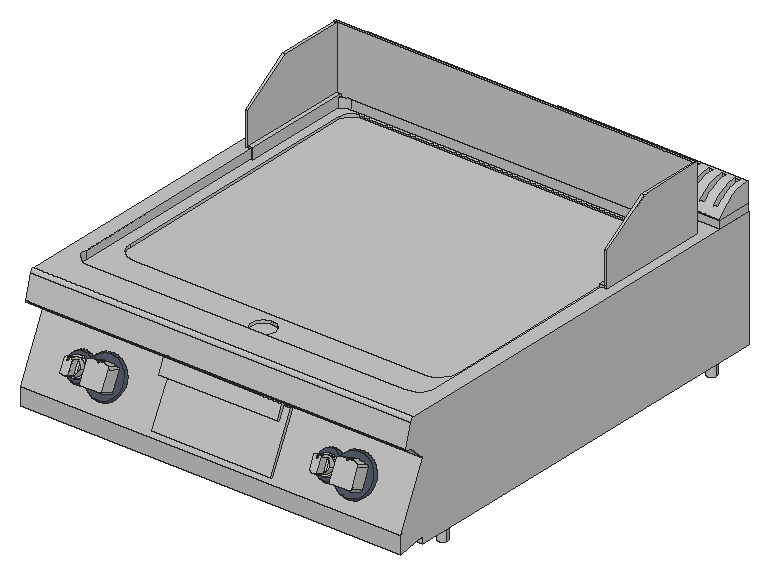
Revit family "QF_ZANUSSI_392054_Z9FTGHCS00", category Specialty Equipment, Revit 2018
Family settings
  Round Connector Dimension = Use Diameter
  Part Type = Normal
  Work Plane-Based = No
  Always vertical = Yes
  Cut with Voids When Loaded = No
  Shared = No
  Room Calculation Point = No
Parameters
  Width = 800 mm  # constant formula
  Weight in Pounds = 105  # constant formula
  Weight = 0.00 kg
  Watts = 0 W
  Volts = 0 V
  URL Manufacturer = "http://www.zanussiprofessional.com"
  URL Cutsheet = "www.electrolux.com/foodservice"
  URL = "http://www.zanussiprofessional.com"
  Type Mark [instance] = ""
  Steam Supply Size = 0"
  Steam Supply Minimum Pressure = 0.00 psi
  Steam Supply Maximum Pressure = 0.00 psi
  Steam Pounds per Hour = 0
  Status [instance] = ""
  Specification by User [instance] = ""
  Specification by Manufacturer = ""
  Show Logo [instance] = yes
  Show Clearance [instance] = yes
  Serial Number = ""
  Seismic Rating = ""
  SMACNA No = ""
  Revision Code [instance] = ""
  Refrigeration Suction Line Size = 0"
  Refrigeration Liquid Line Size = 0"
  Refrigerant Compressor Remote = yes
  Phase = 0
  Omniclass Number and Title = ""
  NAFEM Spec ID Number = ""
  Model = "Z9FTGHCS00"
  Mechanical Remarks [instance] = ""
  Mechanical Connection Type [instance] = ""
  Masterspec = ""
  Manufacturer = "Zanussi"
  Length Actual = 800 mm  # constant formula
  Item Number [instance] = "392054"
  Installed By [instance] = ""
  Identify Quantity as Lot [instance] = yes
  Hot Water Size = 0"
  Height Actual = 250 mm  # constant formula
  Height = 410 mm  # constant formula
  HP = "0 HP"
  Gas Size = 1/2"
  Gas RI Height [instance] = 0 mm
  Gas KW [instance] = 20
  Gas Input [instance] = 0.672036 Btu/h
  Gas Connection Height = 0 mm
  Furnished By [instance] = ""
  Foodservice Equipment Identifier [instance] = yes
  Direct Waste Size = 0"
  Description = "GAS FRYTOP CHR.SMOOTH SLOPED PLATE 800MM"
  Depth Actual = 900 mm  # constant formula
  Depth = 915 mm  # constant formula
  Cycle = 0 Hz
  Condensate Return Size = 0"
  Compressed Air Volume = 0 GPM
  Compressed Air Size = 0"
  Compressed Air Pressure = 0.00 psi
  Cold Water Size = 0"
  CSI MasterFormat = ""
  CSI Master Format = ""
  Base Height [instance] = 24 mm  # constant formula
  Accessory = yes
Reference planes
  plane 1 "BACK": y = 0
  plane 2: z = 0
  plane 3 "LEFT": x = 0
  plane 4 "RIGHT": x = 800
  plane 5 "FRONT": y = -915
  plane 6 "TOP": z = 410
  plane 7 "Center Y": x = 400
  plane 8 "Center X": y = -457.5
  plane 9 "BASE": z = 24
  plane 10: y = -790
  plane 11: y = -82
  plane 12: x = 348
  plane 13: y = -1045
  plane 14: z = 274
  plane 15: y = -664
  plane 16: y = -346.873
  plane 17: y = -900
  plane 18: through (-6096, -854.982, 185.364) normal (0, -0.8956, 0.4448)
Forms (mm)
  Extrusion 1, solid, material "QF_Clearances", visible <- "Show Clearance", detail levels coarse
    sketch origin (0, 0, 0) x (1, 0, 0) y (0, 1, 0)
      loop
        line (0, -915) -> (0, 0) -> (800.05, 0) -> (800.05, -915) -> (900.069, -915) -> (900.069, 100.019) -> (-100.019, 100.019) -> (-100.019, -915) -> (0, -915)
    from 0 to 410
  Extrusion 2, solid, material "QF_Finishes_Stainless Steel"
    sketch origin (0, 0, 0) x (0, 1, 0) y (0, 0, 1)
      loop
        line (0, 24) -> (0, 274) -> (-879.358, 274)
        arc (-879.358, 274) -> (-884.643, 271.811) -> (-886.833, 266.526) r 7.474
        line (-886.833, 266.526) -> (-899.884, 221.011)
        arc (-899.884, 221.011) -> (-899.396, 218.379) -> (-897, 217.184) r 3
        line (-897, 217.184) -> (-886.802, 217.184) -> (-854.982, 185.364) -> (-915, 64.508) -> (-915, 29.508) -> (-858.645, 37.428)
        arc (-858.645, 37.428) -> (-856.101, 36.674) -> (-855, 34.259) r 3.2
        line (-855, 34.259) -> (-855, 24) -> (0, 24)
    from 0 to 800
  Extrusion 3, void
    sketch origin (0, -202.381, 275.4) x (-1, 0, 0) y (0, -1, 0)
      loop
        arc (-55.4, -88.381) -> (-37.439, -80.942) -> (-30, -62.981) r 25.4
        line (-30, -62.981) -> (-30, 578.98)
        arc (-30, 578.98) -> (-40.99, 605.513) -> (-67.523, 616.504) r 37.523
        line (-67.523, 616.504) -> (-732.477, 616.504)
        arc (-732.477, 616.504) -> (-759.01, 605.513) -> (-770, 578.98) r 37.523
        line (-770, 578.98) -> (-770, -62.981)
        arc (-770, -62.981) -> (-762.561, -80.942) -> (-744.6, -88.381) r 25.4
        line (-744.6, -88.381) -> (-55.4, -88.381)
    from 0 to -20
  Extrusion 4, solid, material "QF_Finishes_Stainless Steel"
    sketch origin (0, -200, 0) x (1, 0, 0) y (0, 1, 0)
      loop
        circle (11.112, 118) r 9.525
      loop
        circle (11.112, -590) r 9.525
      loop
        circle (788.887, 118) r 9.525
      loop
        circle (788.888, -590) r 9.525
    from 0 to 24
  Extrusion 5, solid, material "QF_Finishes_Stainless Steel"
    sketch origin (0, 0, 24) x (-1, 0, 0) y (0, 1, 0)
      loop
        circle (-748, -664) r 6.4
    from 0 to 18
  Extrusion 6, solid, material "QF_Finishes_Stainless Steel"
    sketch origin (0, 0, 0) x (0, -1, 0) y (0, 0, 1)
      loop
        line (74.012, 274) -> (74.012, 289) -> (0, 289) -> (0, 274) -> (74.012, 274)
    from 0 to -400.05
  Extrusion 7, solid, material "QF_Finishes_Stainless Steel"
    sketch origin (0, 0, 0) x (0, 1, 0) y (0, 0, 1)
      loop
        line (0, 289) -> (0, 331.913)
        arc (0, 331.913) -> (-42.275, 321.697) -> (-74.012, 291.959) r 85.267
        line (-74.012, 291.959) -> (-74.012, 289) -> (0, 289)
    from 0 to 400
  Extrusion 8, void
    sketch origin (0, 0, 273.238) x (-1, 0, 0) y (0, -1, 0)
      loop
        line (-13.453, 6.761) -> (-13.453, 62.911) -> (-22.749, 62.911) -> (-22.749, 6.761) -> (-13.453, 6.761)
    from 25.4 to 63.5
  Extrusion 9, void
    sketch origin (400.05, 0, 273.238) x (1, 0, 0) y (0, 1, 0)
      loop
        line (-13.503, -6.761) -> (-22.799, -6.761) -> (-22.799, -62.911) -> (-13.503, -62.911) -> (-13.503, -6.761)
    from 25.4 to 63.5
  Extrusion 10, void
    sketch origin (27.988, 0, 273.238) x (-1, 0, 0) y (0, -1, 0)
      loop
        line (-13.453, 6.761) -> (-13.453, 62.911) -> (-22.749, 62.911) -> (-22.749, 6.761) -> (-13.453, 6.761)
    from 25.4 to 63.5
  Extrusion 11, void
    sketch origin (55.977, 0, 273.238) x (-1, 0, 0) y (0, -1, 0)
      loop
        line (-13.453, 6.761) -> (-13.453, 62.911) -> (-22.749, 62.911) -> (-22.749, 6.761) -> (-13.453, 6.761)
    from 25.4 to 63.5
  Extrusion 12, void
    sketch origin (83.965, 0, 273.238) x (-1, 0, 0) y (0, -1, 0)
      loop
        line (-13.428, 6.761) -> (-13.428, 62.911) -> (-22.724, 62.911) -> (-22.724, 6.761) -> (-13.428, 6.761)
    from 25.4 to 63.5
  Extrusion 13, void
    sketch origin (111.953, 0, 273.238) x (-1, 0, 0) y (0, -1, 0)
      loop
        line (-13.428, 6.761) -> (-13.428, 62.911) -> (-22.724, 62.911) -> (-22.724, 6.761) -> (-13.428, 6.761)
    from 25.4 to 63.5
  Extrusion 14, void
    sketch origin (139.942, 0, 273.238) x (-1, 0, 0) y (0, -1, 0)
      loop
        line (-13.428, 6.761) -> (-13.428, 62.911) -> (-22.724, 62.911) -> (-22.724, 6.761) -> (-13.428, 6.761)
    from 25.4 to 63.5
  Extrusion 15, void
    sketch origin (167.93, 0, 273.238) x (-1, 0, 0) y (0, -1, 0)
      loop
        line (-13.428, 6.761) -> (-13.428, 62.911) -> (-22.724, 62.911) -> (-22.724, 6.761) -> (-13.428, 6.761)
    from 25.4 to 63.5
  Extrusion 16, void
    sketch origin (307.872, 0, 273.238) x (-1, 0, 0) y (0, -1, 0)
      loop
        line (-13.403, 6.761) -> (-13.403, 62.911) -> (-22.699, 62.911) -> (-22.699, 6.761) -> (-13.403, 6.761)
    from 25.4 to 63.5
  Extrusion 17, void
    sketch origin (335.86, 0, 273.238) x (-1, 0, 0) y (0, -1, 0)
      loop
        line (-13.403, 6.761) -> (-13.403, 62.911) -> (-22.699, 62.911) -> (-22.699, 6.761) -> (-13.403, 6.761)
    from 25.4 to 63.5
  Extrusion 18, void
    sketch origin (228.013, 0, 273.238) x (-1, 0, 0) y (0, -1, 0)
      loop
        line (-13.428, 6.761) -> (-13.428, 62.911) -> (-22.724, 62.911) -> (-22.724, 6.761) -> (-13.428, 6.761)
    from 25.4 to 63.5
  Extrusion 19, void
    sketch origin (256.002, 0, 273.238) x (-1, 0, 0) y (0, -1, 0)
      loop
        line (-13.428, 6.761) -> (-13.428, 62.911) -> (-22.724, 62.911) -> (-22.724, 6.761) -> (-13.428, 6.761)
    from 25.4 to 63.5
  Extrusion 20, void
    sketch origin (283.99, 0, 273.238) x (-1, 0, 0) y (0, -1, 0)
      loop
        line (-13.403, 6.761) -> (-13.403, 62.911) -> (-22.699, 62.911) -> (-22.699, 6.761) -> (-13.403, 6.761)
    from 25.4 to 63.5
  Extrusion 21, void
    sketch origin (200.025, 0, 273.238) x (-1, 0, 0) y (0, -1, 0)
      loop
        line (-13.428, 6.761) -> (-13.428, 62.911) -> (-22.724, 62.911) -> (-22.724, 6.761) -> (-13.428, 6.761)
    from 25.4 to 63.5
  Extrusion 22, void
    sketch origin (0, -202.381, 255.4) x (0, -1, 0) y (-1, 0, 0)
      loop
        arc (-57.619, -55) -> (-75.579, -62.439) -> (-83.019, -80.4) r 25.4
        line (-83.019, -80.4) -> (-83.019, -719.6)
        arc (-83.019, -719.6) -> (-75.579, -737.561) -> (-57.619, -745) r 25.4
        line (-57.619, -745) -> (493.98, -745)
        arc (493.98, -745) -> (520.513, -734.01) -> (531.504, -707.477) r 37.523
        line (531.504, -707.477) -> (531.504, -92.523)
        arc (531.504, -92.523) -> (520.513, -65.99) -> (493.98, -55) r 37.523
        line (493.98, -55) -> (-57.619, -55)
      loop
        circle (572.619, -400) r 25
    from 0 to 5
  Extrusion 23, void
    sketch origin (785, 0, 275) x (0, 0, -1) y (0, -1, 0)
      loop
        line (-70, 346.873) -> (-135, 346.873) -> (-135, 246.781) -> (-70, 346.873)
    from 0 to 12.7
  Extrusion 24, void
    sketch origin (25, 0, 292.959) x (0, 0, -1) y (0, -1, 0)
      loop
        line (-52.041, 346.873) -> (-117.041, 346.873) -> (-117.041, 246.781) -> (-52.041, 346.873)
    from 0 to 12.7
  Extrusion 25, solid, material "QF_Finishes_Stainless Steel"
    sketch origin (0, -110, 275) x (0, 0, -1) y (-1, 0, 0)
      loop
        line (-135, -20) -> (-135, -780) -> (1, -780) -> (1, -20) -> (-135, -20)
    from 0 to -5
  Extrusion 26, solid, material "QF_Finishes_Stainless Steel"
    sketch origin (800, 0, 0) x (0, -1, 0) y (0, 0, -1)
      loop
        line (74.012, -274) -> (0, -274) -> (0, -289) -> (74.012, -289) -> (74.012, -274)
    from 0 to -400.05
  Extrusion 27, solid, material "QF_Finishes_Stainless Steel"
    sketch origin (800, 0, 0) x (0, 1, 0) y (0, 0, -1)
      loop
        line (0, -289) -> (-74.012, -289) -> (-74.012, -291.959)
        arc (-74.012, -291.959) -> (-42.486, -322.301) -> (0, -332.762) r 84.334
        line (0, -332.762) -> (0, -289)
    from 0 to 400
  Extrusion 28, void
    sketch origin (800, 0, 273.238) x (1, 0, 0) y (0, 1, 0)
      loop
        line (-13.453, -6.761) -> (-22.749, -6.761) -> (-22.749, -62.911) -> (-13.453, -62.911) -> (-13.453, -6.761)
    from 25.4 to 63.5
  Extrusion 29, void
    sketch origin (399.95, 0, 273.238) x (-1, 0, 0) y (0, -1, 0)
      loop
        line (-13.503, 6.761) -> (-13.503, 62.911) -> (-22.799, 62.911) -> (-22.799, 6.761) -> (-13.503, 6.761)
    from 25.4 to 63.5
  Extrusion 30, void
    sketch origin (772.012, 0, 273.238) x (1, 0, 0) y (0, 1, 0)
      loop
        line (-13.453, -6.761) -> (-22.749, -6.761) -> (-22.749, -62.911) -> (-13.453, -62.911) -> (-13.453, -6.761)
    from 25.4 to 63.5
  Extrusion 31, void
    sketch origin (744.023, 0, 273.238) x (1, 0, 0) y (0, 1, 0)
      loop
        line (-13.453, -6.761) -> (-22.749, -6.761) -> (-22.749, -62.911) -> (-13.453, -62.911) -> (-13.453, -6.761)
    from 25.4 to 63.5
  Extrusion 32, void
    sketch origin (716.035, 0, 273.238) x (1, 0, 0) y (0, 1, 0)
      loop
        line (-13.428, -6.761) -> (-22.724, -6.761) -> (-22.724, -62.911) -> (-13.428, -62.911) -> (-13.428, -6.761)
    from 25.4 to 63.5
  Extrusion 33, void
    sketch origin (688.047, 0, 273.238) x (1, 0, 0) y (0, 1, 0)
      loop
        line (-13.428, -6.761) -> (-22.724, -6.761) -> (-22.724, -62.911) -> (-13.428, -62.911) -> (-13.428, -6.761)
    from 25.4 to 63.5
  Extrusion 34, void
    sketch origin (660.058, 0, 273.238) x (1, 0, 0) y (0, 1, 0)
      loop
        line (-13.428, -6.761) -> (-22.724, -6.761) -> (-22.724, -62.911) -> (-13.428, -62.911) -> (-13.428, -6.761)
    from 25.4 to 63.5
  Extrusion 35, void
    sketch origin (632.07, 0, 273.238) x (1, 0, 0) y (0, 1, 0)
      loop
        line (-13.428, -6.761) -> (-22.724, -6.761) -> (-22.724, -62.911) -> (-13.428, -62.911) -> (-13.428, -6.761)
    from 25.4 to 63.5
  Extrusion 36, void
    sketch origin (492.128, 0, 273.238) x (1, 0, 0) y (0, 1, 0)
      loop
        line (-13.403, -6.761) -> (-22.699, -6.761) -> (-22.699, -62.911) -> (-13.403, -62.911) -> (-13.403, -6.761)
    from 25.4 to 63.5
  Extrusion 37, void
    sketch origin (464.14, 0, 273.238) x (1, 0, 0) y (0, 1, 0)
      loop
        line (-13.403, -6.761) -> (-22.699, -6.761) -> (-22.699, -62.911) -> (-13.403, -62.911) -> (-13.403, -6.761)
    from 25.4 to 63.5
  Extrusion 38, void
    sketch origin (571.987, 0, 273.238) x (1, 0, 0) y (0, 1, 0)
      loop
        line (-13.428, -6.761) -> (-22.724, -6.761) -> (-22.724, -62.911) -> (-13.428, -62.911) -> (-13.428, -6.761)
    from 25.4 to 63.5
  Extrusion 39, void
    sketch origin (543.998, 0, 273.238) x (1, 0, 0) y (0, 1, 0)
      loop
        line (-13.428, -6.761) -> (-22.724, -6.761) -> (-22.724, -62.911) -> (-13.428, -62.911) -> (-13.428, -6.761)
    from 25.4 to 63.5
  Extrusion 40, void
    sketch origin (516.01, 0, 273.238) x (1, 0, 0) y (0, 1, 0)
      loop
        line (-13.403, -6.761) -> (-22.699, -6.761) -> (-22.699, -62.911) -> (-13.403, -62.911) -> (-13.403, -6.761)
    from 25.4 to 63.5
  Extrusion 41, void
    sketch origin (599.975, 0, 273.238) x (1, 0, 0) y (0, 1, 0)
      loop
        line (-13.428, -6.761) -> (-22.724, -6.761) -> (-22.724, -62.911) -> (-13.428, -62.911) -> (-13.428, -6.761)
    from 25.4 to 63.5
  Extrusion 42, solid, material "QF_Finishes_Stainless Steel"
    sketch origin (0, 0, 274) x (0, 0, -1) y (-1, 0, 0)
      loop
        line (19.6, -30) -> (0, -30) -> (0, -20) -> (-135, -20) -> (-135, -25) -> (-5, -25) -> (-5, -35) -> (19.6, -35) -> (19.6, -30)
      loop
        line (19.6, -770) -> (19.6, -765) -> (-5, -765) -> (-5, -775) -> (-135, -775) -> (-135, -780) -> (0, -780) -> (0, -770) -> (19.6, -770)
    from -110 to -346.873
  Blend 43, solid, material "QF_Finishes_Navy Blue"
    base sketch origin (156.419, -884.991, 124.936) x (1, 0, 0) y (0, 0.444781, 0.895639)
      loop
        arc (-35.05, -24.037) -> (42.5, 0) -> (-35.05, 24.037) r 42.5
        arc (-35.05, 24.037) -> (-83, 0) -> (-35.05, -24.037) r 30
    top sketch origin (156.419, -884.991, 124.936) x (1, 0, 0) y (0, 0.444781, 0.895639)
      loop
        arc (-34.578, -21.086) -> (40.5, 0) -> (-34.578, 21.086) r 40.5
        arc (-34.578, 21.086) -> (-81, 0) -> (-34.578, -21.086) r 28
    from 0 to 5
  Extrusion 44, solid, material "QF_Finishes_Stainless Steel"
    sketch origin (-76.081, -884.991, 124.936) x (1, 0, 0) y (0, 0.444781, 0.895639)
      loop
        circle (177.499, -0.341) r 20
    from 5 to 10
  Extrusion 45, solid, material "QF_Finishes_Stainless Steel"
    sketch origin (-76.081, -884.991, 124.936) x (1, 0, 0) y (0, 0.444781, 0.895639)
      loop
        arc (211.353, 22.789) -> (210.006, 21.685) -> (209.5, 20.019) r 2.997
        line (209.5, 20.019) -> (209.5, -20.019)
        arc (209.5, -20.019) -> (210.378, -22.138) -> (212.497, -23.016) r 2.997
        line (212.497, -23.016) -> (252.503, -23.016)
        arc (252.503, -23.016) -> (254.622, -22.138) -> (255.5, -20.019) r 2.997
        line (255.5, -20.019) -> (255.5, 20.019)
        arc (255.5, 20.019) -> (254.994, 21.685) -> (253.647, 22.789) r 2.997
        arc (253.647, 22.789) -> (232.5, 26.984) -> (211.353, 22.789) r 55.4
    from 5 to 34
  Extrusion 46, solid, material "QF_Finishes_Stainless Steel"
    sketch origin (-76.081, -884.991, 124.936) x (1, 0, 0) y (0, 0.444781, 0.895639)
      loop
        circle (177.499, -0.341) r 16
    from 10 to 40
  Extrusion 47, void
    sketch origin (156.419, -884.991, 124.936) x (1, 0, 0) y (0, -0.895639, 0.444781)
      loop
        line (-62.999, 24.837) -> (-62.999, 40) -> (-71.893, 40) -> (-71.893, 22) -> (-65.835, 22)
        arc (-65.835, 22) -> (-63.827, 22.828) -> (-62.999, 24.837) r 2.827
      loop
        arc (-47.003, 24.837) -> (-46.175, 22.828) -> (-44.167, 22) r 2.827
        line (-44.167, 22) -> (-38.109, 22) -> (-38.109, 40) -> (-47.003, 40) -> (-47.003, 24.837)
    from -20.019 to 20.019
  Extrusion 48, solid, material "QF_Plastic-Black-Matte"
    sketch origin (213.919, -884.991, 124.936) x (0, 0.444781, 0.895639) y (0, -0.895639, 0.444781)
      loop
        line (26.984, 34) -> (26.984, 19) -> (27.984, 19) -> (27.984, 34)
        arc (27.984, 34) -> (27.691, 34.707) -> (26.984, 35) r 1
        line (26.984, 35) -> (23.984, 35) -> (23.984, 34) -> (26.984, 34)
    from -58.5 to -56.5
  Extrusion 49, solid, material "QF_Plastic-Black-Matte"
    sketch origin (101.418, -1018.425, -143.756) x (0, -0.444781, -0.895639) y (0, -0.895639, 0.444781)
      loop
        line (-310.284, 39.984) -> (-310.284, 40.984) -> (-312.9, 40.984)
        arc (-312.9, 40.984) -> (-315.562, 39.882) -> (-316.664, 37.22) r 3.764
        line (-316.664, 37.22) -> (-316.664, 25.027) -> (-315.664, 25.027) -> (-315.664, 37.22)
        arc (-315.664, 37.22) -> (-314.855, 39.175) -> (-312.9, 39.984) r 2.764
        line (-312.9, 39.984) -> (-310.284, 39.984)
    from 1 to -1
  Extrusion 50, solid, material "QF_Finishes_Stainless Steel"
    sketch origin (335, -214.132, -0.464) x (0, 1, 0) y (0, 0, 1)
      loop
        line (-640.85, 185.828) -> (-659.988, 204.966)
        arc (-659.988, 204.966) -> (-664.455, 206.368) -> (-668.159, 203.504) r 5.058
        line (-668.159, 203.504) -> (-680.821, 175.994) -> (-677.937, 174.666) -> (-665.275, 202.176)
        arc (-665.275, 202.176) -> (-663.896, 203.243) -> (-662.233, 202.721) r 1.883
        line (-662.233, 202.721) -> (-644.727, 185.215) -> (-698.248, 77.444) -> (-695.339, 76.105) -> (-640.85, 185.828)
    from -60 to 190
  Extrusion 51, solid, material "QF_Finishes_Drawer Clearance", visible <- "Show Clearance", detail levels coarse
    sketch origin (335, -315.732, -0.464) x (0, 1, 0) y (0, 0, 1)
      loop
        line (-726.181, 76.105) -> (-593.739, 76.105) -> (-539.25, 185.828) -> (-558.388, 204.966)
        arc (-558.388, 204.966) -> (-560.449, 206.215) -> (-562.855, 206.368) r 5.058
        line (-562.855, 206.368) -> (-695.296, 206.368)
        arc (-695.296, 206.368) -> (-697.5, 205.39) -> (-699, 203.504) r 5.058
        line (-699, 203.504) -> (-711.662, 175.994) -> (-708.778, 174.666) -> (-696.116, 202.176)
        arc (-696.116, 202.176) -> (-694.737, 203.243) -> (-693.074, 202.721) r 1.883
        line (-693.074, 202.721) -> (-675.569, 185.215) -> (-729.089, 77.444) -> (-726.181, 76.105)
    from -60 to 190
  Blend 52, solid, material "QF_Finishes_Navy Blue"
    base sketch origin (681.419, -884.991, 124.936) x (1, 0, 0) y (0, 0.444781, 0.895639)
      loop
        arc (-35.05, -24.037) -> (42.5, 0) -> (-35.05, 24.037) r 42.5
        arc (-35.05, 24.037) -> (-83, 0) -> (-35.05, -24.037) r 30
    top sketch origin (681.419, -884.991, 124.936) x (1, 0, 0) y (0, 0.444781, 0.895639)
      loop
        arc (-34.578, -21.086) -> (40.5, 0) -> (-34.578, 21.086) r 40.5
        arc (-34.578, 21.086) -> (-81, 0) -> (-34.578, -21.086) r 28
    from 0 to 5
  Extrusion 53, solid, material "QF_Finishes_Stainless Steel"
    sketch origin (448.919, -884.991, 124.936) x (1, 0, 0) y (0, 0.444781, 0.895639)
      loop
        circle (177.499, -0.341) r 20
    from 5 to 10
  Extrusion 54, solid, material "QF_Finishes_Stainless Steel"
    sketch origin (448.919, -884.991, 124.936) x (1, 0, 0) y (0, 0.444781, 0.895639)
      loop
        arc (211.353, 22.789) -> (210.006, 21.685) -> (209.5, 20.019) r 2.997
        line (209.5, 20.019) -> (209.5, -20.019)
        arc (209.5, -20.019) -> (210.378, -22.138) -> (212.497, -23.016) r 2.997
        line (212.497, -23.016) -> (252.503, -23.016)
        arc (252.503, -23.016) -> (254.622, -22.138) -> (255.5, -20.019) r 2.997
        line (255.5, -20.019) -> (255.5, 20.019)
        arc (255.5, 20.019) -> (254.994, 21.685) -> (253.647, 22.789) r 2.997
        arc (253.647, 22.789) -> (232.5, 26.984) -> (211.353, 22.789) r 55.4
    from 5 to 34
  Extrusion 55, solid, material "QF_Finishes_Stainless Steel"
    sketch origin (448.919, -884.991, 124.936) x (1, 0, 0) y (0, 0.444781, 0.895639)
      loop
        circle (177.499, -0.341) r 16
    from 10 to 40
  Extrusion 56, void
    sketch origin (681.419, -884.991, 124.936) x (1, 0, 0) y (0, -0.895639, 0.444781)
      loop
        line (-62.999, 24.837) -> (-62.999, 40) -> (-71.893, 40) -> (-71.893, 22) -> (-65.835, 22)
        arc (-65.835, 22) -> (-63.827, 22.828) -> (-62.999, 24.837) r 2.827
      loop
        arc (-47.003, 24.837) -> (-46.175, 22.828) -> (-44.167, 22) r 2.827
        line (-44.167, 22) -> (-38.109, 22) -> (-38.109, 40) -> (-47.003, 40) -> (-47.003, 24.837)
    from -20.019 to 20.019
  Extrusion 57, solid, material "QF_Plastic-Black-Matte"
    sketch origin (738.919, -884.991, 124.936) x (0, 0.444781, 0.895639) y (0, -0.895639, 0.444781)
      loop
        line (26.984, 34) -> (26.984, 19) -> (27.984, 19) -> (27.984, 34)
        arc (27.984, 34) -> (27.691, 34.707) -> (26.984, 35) r 1
        line (26.984, 35) -> (23.984, 35) -> (23.984, 34) -> (26.984, 34)
    from -58.5 to -56.5
  Extrusion 58, solid, material "QF_Plastic-Black-Matte"
    sketch origin (626.418, -1018.425, -143.756) x (0, -0.444781, -0.895639) y (0, -0.895639, 0.444781)
      loop
        line (-310.284, 39.984) -> (-310.284, 40.984) -> (-312.9, 40.984)
        arc (-312.9, 40.984) -> (-315.562, 39.882) -> (-316.664, 37.22) r 3.764
        line (-316.664, 37.22) -> (-316.664, 25.027) -> (-315.664, 25.027) -> (-315.664, 37.22)
        arc (-315.664, 37.22) -> (-314.855, 39.175) -> (-312.9, 39.984) r 2.764
        line (-312.9, 39.984) -> (-310.284, 39.984)
    from 1 to -1
Cuts and joins
  Extrusion 3, Extrusion 22 cuts Extrusion 2
  Extrusion 3 cuts Extrusion 25
  Extrusion 23, Extrusion 24 cuts Extrusion 42
  joined: Extrusion 2, Extrusion 25, Extrusion 42
  Extrusion 8, Extrusion 9, Extrusion 10, Extrusion 11, Extrusion 12, Extrusion 13, Extrusion 14, Extrusion 15, Extrusion 16, Extrusion 17, Extrusion 18, Extrusion 19, Extrusion 20, Extrusion 21, Extrusion 28, Extrusion 29, Extrusion 30, Extrusion 31, Extrusion 32, Extrusion 33, Extrusion 34, Extrusion 35, Extrusion 36, Extrusion 37, Extrusion 38, Extrusion 39, Extrusion 40, Extrusion 41 cuts Extrusion 7
  Extrusion 28, Extrusion 29, Extrusion 30, Extrusion 31, Extrusion 32, Extrusion 33, Extrusion 34, Extrusion 35, Extrusion 36, Extrusion 37, Extrusion 38, Extrusion 39, Extrusion 40, Extrusion 41 cuts Extrusion 27
  Extrusion 47, Extrusion 56 cuts Extrusion 46
  Extrusion 56 cuts Extrusion 55
Lines and regions (mm)
  Split face 1
    outline origin (156.419, -889.469, 127.16) x (1, 0, 0) y (0, 0.444781, 0.895639)
      loop
        circle (0, 33) r 1
  Split face 2
    outline origin (156.419, -889.469, 127.16) x (1, 0, 0) y (0, 0.444781, 0.895639)
      loop
        circle (-8.541, 31.876) r 1
  Split face 3
    outline origin (156.419, -889.469, 127.16) x (1, 0, 0) y (0, 0.444781, 0.895639)
      loop
        circle (-16.5, 28.579) r 1
  Split face 4
    outline origin (156.419, -889.469, 127.16) x (1, 0, 0) y (0, 0.444781, 0.895639)
      loop
        circle (-23.335, 23.335) r 1
  Split face 5
    outline origin (156.419, -889.469, 127.16) x (1, 0, 0) y (0, 0.444781, 0.895639)
      loop
        circle (-28.579, 16.5) r 1
  Split face 6
    outline origin (156.419, -889.469, 127.16) x (1, 0, 0) y (0, 0.444781, 0.895639)
      loop
        circle (-31.876, 8.541) r 1
  Split face 7
    outline origin (156.419, -889.469, 127.16) x (1, 0, 0) y (0, 0.444781, 0.895639)
      loop
        circle (-33, 0) r 1
  Split face 8
    outline origin (156.419, -889.469, 127.16) x (-1, 0, 0) y (0, 0.444781, 0.895639)
      loop
        circle (31.876, -8.541) r 1
  Split face 9
    outline origin (156.419, -889.469, 127.16) x (-1, 0, 0) y (0, 0.444781, 0.895639)
      loop
        circle (28.579, -16.5) r 1
  Split face 10
    outline origin (156.419, -889.469, 127.16) x (-1, 0, 0) y (0, 0.444781, 0.895639)
      loop
        circle (23.335, -23.335) r 1
  Split face 11
    outline origin (156.419, -889.469, 127.16) x (-1, 0, 0) y (0, 0.444781, 0.895639)
      loop
        circle (16.5, -28.579) r 1
  Split face 12
    outline origin (156.419, -889.469, 127.16) x (-1, 0, 0) y (0, 0.444781, 0.895639)
      loop
        circle (8.541, -31.876) r 1
  Split face 13
    outline origin (156.419, -889.469, 127.16) x (1, 0, 0) y (0, -0.444781, -0.895639)
      loop
        circle (33, 0) r 1
  Split face 14
    outline origin (156.419, -889.469, 127.16) x (1, 0, 0) y (0, -0.444781, -0.895639)
      loop
        circle (31.876, -8.541) r 1
  Split face 15
    outline origin (156.419, -889.469, 127.16) x (1, 0, 0) y (0, -0.444781, -0.895639)
      loop
        circle (28.579, -16.5) r 1
  Split face 16
    outline origin (156.419, -889.469, 127.16) x (1, 0, 0) y (0, -0.444781, -0.895639)
      loop
        circle (23.335, -23.335) r 1
  Split face 17
    outline origin (156.419, -889.469, 127.16) x (1, 0, 0) y (0, -0.444781, -0.895639)
      loop
        circle (16.5, -28.579) r 1
  Split face 18
    outline origin (156.419, -889.469, 127.16) x (1, 0, 0) y (0, -0.444781, -0.895639)
      loop
        circle (8.541, -31.876) r 1
  Split face 19
    outline origin (156.419, -889.469, 127.16) x (-1, 0, 0) y (0, -0.444781, -0.895639)
      loop
        circle (-8.541, 31.876) r 1
  Split face 20
    outline origin (156.419, -889.469, 127.16) x (-1, 0, 0) y (0, -0.444781, -0.895639)
      loop
        circle (-16.5, 28.579) r 1
  Split face 21
    outline origin (156.419, -889.469, 127.16) x (-1, 0, 0) y (0, -0.444781, -0.895639)
      loop
        circle (-23.335, 23.335) r 1
  Split face 22
    outline origin (156.419, -889.469, 127.16) x (-1, 0, 0) y (0, -0.444781, -0.895639)
      loop
        circle (-28.579, 16.5) r 1
  Split face 23
    outline origin (156.419, -889.469, 127.16) x (-1, 0, 0) y (0, -0.444781, -0.895639)
      loop
        circle (-31.876, 8.541) r 1
  Split face 24
    outline origin (156.419, -889.469, 127.16) x (1, 0, 0) y (0, 0.444781, 0.895639)
      loop
        circle (-55.001, 22) r 1.508
  Split face 25
    outline origin (157.545, -885.216, 135.725) x (1, 0, 0) y (0, 0.444781, 0.895639)
      loop
        circle (-77.001, 0) r 1.343
  Split face 26
    outline origin (156.419, -889.469, 127.16) x (1, 0, 0) y (0, 0.444781, 0.895639)
      loop
        line (-56.273, -20.786) -> (-56.273, -25.164) -> (-53.729, -25.164) -> (-53.729, -20.786) -> (-56.273, -20.786)
  Split face 27
    outline origin (156.419, -889.469, 127.16) x (1, 0, 0) y (0, 0.444781, 0.895639)
      loop
        line (-70.261, 16.732) -> (-67.433, 19.559) -> (-71.077, 17.548) -> (-70.261, 16.732)
  Split face 28
    outline origin (156.419, -889.469, 127.16) x (1, 0, 0) y (0, 0.444781, 0.895639)
      loop
        circle (0, -33) r 1
  Split face 29
    outline origin (681.419, -889.469, 127.16) x (1, 0, 0) y (0, 0.444781, 0.895639)
      loop
        circle (0, 33) r 1
  Split face 30
    outline origin (681.419, -889.469, 127.16) x (1, 0, 0) y (0, 0.444781, 0.895639)
      loop
        circle (-8.541, 31.876) r 1
  Split face 31
    outline origin (681.419, -889.469, 127.16) x (1, 0, 0) y (0, 0.444781, 0.895639)
      loop
        circle (-16.5, 28.579) r 1
  Split face 32
    outline origin (681.419, -889.469, 127.16) x (1, 0, 0) y (0, 0.444781, 0.895639)
      loop
        circle (-23.335, 23.335) r 1
  Split face 33
    outline origin (681.419, -889.469, 127.16) x (1, 0, 0) y (0, 0.444781, 0.895639)
      loop
        circle (-28.579, 16.5) r 1
  Split face 34
    outline origin (681.419, -889.469, 127.16) x (1, 0, 0) y (0, 0.444781, 0.895639)
      loop
        circle (-31.876, 8.541) r 1
  Split face 35
    outline origin (681.419, -889.469, 127.16) x (1, 0, 0) y (0, 0.444781, 0.895639)
      loop
        circle (-33, 0) r 1
  Split face 36
    outline origin (681.419, -889.469, 127.16) x (-1, 0, 0) y (0, 0.444781, 0.895639)
      loop
        circle (31.876, -8.541) r 1
  Split face 37
    outline origin (681.419, -889.469, 127.16) x (-1, 0, 0) y (0, 0.444781, 0.895639)
      loop
        circle (28.579, -16.5) r 1
  Split face 38
    outline origin (681.419, -889.469, 127.16) x (-1, 0, 0) y (0, 0.444781, 0.895639)
      loop
        circle (23.335, -23.335) r 1
  Split face 39
    outline origin (681.419, -889.469, 127.16) x (-1, 0, 0) y (0, 0.444781, 0.895639)
      loop
        circle (16.5, -28.579) r 1
  Split face 40
    outline origin (681.419, -889.469, 127.16) x (-1, 0, 0) y (0, 0.444781, 0.895639)
      loop
        circle (8.541, -31.876) r 1
  Split face 41
    outline origin (681.419, -889.469, 127.16) x (1, 0, 0) y (0, -0.444781, -0.895639)
      loop
        circle (33, 0) r 1
  Split face 42
    outline origin (681.419, -889.469, 127.16) x (1, 0, 0) y (0, -0.444781, -0.895639)
      loop
        circle (31.876, -8.541) r 1
  Split face 43
    outline origin (681.419, -889.469, 127.16) x (1, 0, 0) y (0, -0.444781, -0.895639)
      loop
        circle (28.579, -16.5) r 1
  Split face 44
    outline origin (681.419, -889.469, 127.16) x (1, 0, 0) y (0, -0.444781, -0.895639)
      loop
        circle (23.335, -23.335) r 1
  Split face 45
    outline origin (681.419, -889.469, 127.16) x (1, 0, 0) y (0, -0.444781, -0.895639)
      loop
        circle (16.5, -28.579) r 1
  Split face 46
    outline origin (681.419, -889.469, 127.16) x (1, 0, 0) y (0, -0.444781, -0.895639)
      loop
        circle (8.541, -31.876) r 1
  Split face 47
    outline origin (681.419, -889.469, 127.16) x (-1, 0, 0) y (0, -0.444781, -0.895639)
      loop
        circle (-8.541, 31.876) r 1
  Split face 48
    outline origin (681.419, -889.469, 127.16) x (-1, 0, 0) y (0, -0.444781, -0.895639)
      loop
        circle (-16.5, 28.579) r 1
  Split face 49
    outline origin (681.419, -889.469, 127.16) x (-1, 0, 0) y (0, -0.444781, -0.895639)
      loop
        circle (-23.335, 23.335) r 1
  Split face 50
    outline origin (681.419, -889.469, 127.16) x (-1, 0, 0) y (0, -0.444781, -0.895639)
      loop
        circle (-28.579, 16.5) r 1
  Split face 51
    outline origin (681.419, -889.469, 127.16) x (-1, 0, 0) y (0, -0.444781, -0.895639)
      loop
        circle (-31.876, 8.541) r 1
  Split face 52
    outline origin (681.419, -889.469, 127.16) x (1, 0, 0) y (0, 0.444781, 0.895639)
      loop
        circle (-55.001, 22) r 1.508
  Split face 53
    outline origin (682.545, -885.216, 135.725) x (1, 0, 0) y (0, 0.444781, 0.895639)
      loop
        circle (-77.001, 0) r 1.343
  Split face 54
    outline origin (681.419, -889.469, 127.16) x (1, 0, 0) y (0, 0.444781, 0.895639)
      loop
        line (-56.273, -20.786) -> (-56.273, -25.164) -> (-53.729, -25.164) -> (-53.729, -20.786) -> (-56.273, -20.786)
  Split face 55
    outline origin (681.419, -889.469, 127.16) x (1, 0, 0) y (0, 0.444781, 0.895639)
      loop
        line (-70.261, 16.732) -> (-67.433, 19.559) -> (-71.077, 17.548) -> (-70.261, 16.732)
  Split face 56
    outline origin (681.419, -889.469, 127.16) x (1, 0, 0) y (0, 0.444781, 0.895639)
      loop
        circle (0, -33) r 1
  symbolic lines, style "QF_Clearances", visible <- "Show Clearance", detail levels coarse
    curve 1: line (-100.019, 100.019, 276.225) -> (-100.019, -915, 276.225)
    curve 2: line (900.069, 100.019, 276.225) -> (-100.019, 100.019, 276.225)
    curve 3: line (900.069, -915, 276.225) -> (900.069, 100.019, 276.225)
  symbolic lines
    curve 4: line (0, -74.012, 276.225) -> (800.05, -74.012, 276.225)
    curve 5: line (0, -915, 276.225) -> (0, 0, 276.225)
    curve 6: line (800.05, 0, 276.225) -> (800.05, -915, 276.225)
    curve 7: line (30, -346.873, 276.225) -> (30, -781.362, 276.225)
    curve 8: arc (30, -781.362, 276.225) -> (40.99, -807.895, 276.225) -> (67.523, -818.885, 276.225) r 37.523
    curve 9: arc (732.477, -818.885, 276.225) -> (759.01, -807.895, 276.225) -> (770, -781.362, 276.225) r 37.523
    curve 10: line (770, -781.362, 276.225) -> (770, -346.873, 276.225)
    curve 11: line (67.523, -818.885, 276.225) -> (732.477, -818.885, 276.225)
    curve 15: line (0, 0, 276.225) -> (800.05, 0, 276.225)
    curve 16: line (22.749, -6.761, 276.225) -> (22.749, -62.911, 276.225)
    curve 17: line (22.749, -62.911, 276.225) -> (13.453, -62.911, 276.225)
    curve 18: line (13.453, -62.911, 276.225) -> (13.453, -6.761, 276.225)
    curve 19: line (13.453, -6.761, 276.225) -> (22.749, -6.761, 276.225)
    curve 20: line (50.737, -6.761, 276.225) -> (50.737, -62.911, 276.225)
    curve 21: line (50.737, -62.911, 276.225) -> (41.441, -62.911, 276.225)
    curve 22: line (41.441, -62.911, 276.225) -> (41.441, -6.761, 276.225)
    curve 23: line (41.441, -6.761, 276.225) -> (50.737, -6.761, 276.225)
    curve 24: line (78.725, -6.761, 276.225) -> (78.725, -62.911, 276.225)
    curve 25: line (78.725, -62.911, 276.225) -> (69.43, -62.911, 276.225)
    curve 26: line (69.43, -62.911, 276.225) -> (69.43, -6.761, 276.225)
    curve 27: line (69.43, -6.761, 276.225) -> (78.725, -6.761, 276.225)
    curve 28: line (106.689, -6.761, 276.225) -> (106.689, -62.911, 276.225)
    curve 29: line (106.689, -62.911, 276.225) -> (97.393, -62.911, 276.225)
    curve 30: line (97.393, -62.911, 276.225) -> (97.393, -6.761, 276.225)
    curve 31: line (97.393, -6.761, 276.225) -> (106.689, -6.761, 276.225)
    curve 32: line (134.677, -6.761, 276.225) -> (134.677, -62.911, 276.225)
    curve 33: line (134.677, -62.911, 276.225) -> (125.381, -62.911, 276.225)
    curve 34: line (125.381, -62.911, 276.225) -> (125.381, -6.761, 276.225)
    curve 35: line (125.381, -6.761, 276.225) -> (134.677, -6.761, 276.225)
    curve 36: line (162.665, -6.761, 276.225) -> (162.665, -62.911, 276.225)
    curve 37: line (162.665, -62.911, 276.225) -> (153.37, -62.911, 276.225)
    curve 38: line (153.37, -62.911, 276.225) -> (153.37, -6.761, 276.225)
    curve 39: line (153.37, -6.761, 276.225) -> (162.665, -6.761, 276.225)
    curve 40: line (190.654, -6.761, 276.225) -> (190.654, -62.911, 276.225)
    curve 41: line (190.654, -62.911, 276.225) -> (181.358, -62.911, 276.225)
    curve 42: line (181.358, -62.911, 276.225) -> (181.358, -6.761, 276.225)
    curve 43: line (181.358, -6.761, 276.225) -> (190.654, -6.761, 276.225)
    curve 44: line (222.749, -6.761, 276.225) -> (222.749, -62.911, 276.225)
    curve 45: line (222.749, -62.911, 276.225) -> (213.453, -62.911, 276.225)
    curve 46: line (213.453, -62.911, 276.225) -> (213.453, -6.761, 276.225)
    curve 47: line (213.453, -6.761, 276.225) -> (222.749, -6.761, 276.225)
    curve 48: line (250.737, -6.761, 276.225) -> (250.737, -62.911, 276.225)
    curve 49: line (250.737, -62.911, 276.225) -> (241.441, -62.911, 276.225)
    curve 50: line (241.441, -62.911, 276.225) -> (241.441, -6.761, 276.225)
    curve 51: line (241.441, -6.761, 276.225) -> (250.737, -6.761, 276.225)
    curve 52: line (278.725, -6.761, 276.225) -> (278.725, -62.911, 276.225)
    curve 53: line (278.725, -62.911, 276.225) -> (269.43, -62.911, 276.225)
    curve 54: line (269.43, -62.911, 276.225) -> (269.43, -6.761, 276.225)
    curve 55: line (269.43, -6.761, 276.225) -> (278.725, -6.761, 276.225)
    curve 56: line (306.689, -6.761, 276.225) -> (306.689, -62.911, 276.225)
    curve 57: line (306.689, -62.911, 276.225) -> (297.393, -62.911, 276.225)
    curve 58: line (297.393, -62.911, 276.225) -> (297.393, -6.761, 276.225)
    curve 59: line (297.393, -6.761, 276.225) -> (306.689, -6.761, 276.225)
    curve 60: line (330.57, -6.761, 276.225) -> (330.57, -62.911, 276.225)
    curve 61: line (330.57, -62.911, 276.225) -> (321.275, -62.911, 276.225)
    curve 62: line (321.275, -62.911, 276.225) -> (321.275, -6.761, 276.225)
    curve 63: line (321.275, -6.761, 276.225) -> (330.57, -6.761, 276.225)
    curve 64: line (358.559, -6.761, 276.225) -> (358.559, -62.911, 276.225)
    curve 65: line (358.559, -62.911, 276.225) -> (349.263, -62.911, 276.225)
    curve 66: line (349.263, -62.911, 276.225) -> (349.263, -6.761, 276.225)
    curve 67: line (349.263, -6.761, 276.225) -> (358.559, -6.761, 276.225)
    curve 68: line (386.547, -6.761, 276.225) -> (386.547, -62.911, 276.225)
    curve 69: line (386.547, -62.911, 276.225) -> (377.251, -62.911, 276.225)
    curve 70: line (377.251, -62.911, 276.225) -> (377.251, -6.761, 276.225)
    curve 71: line (377.251, -6.761, 276.225) -> (386.547, -6.761, 276.225)
    curve 72: line (20, -109, 276.225) -> (20, -346.873, 276.225)
    curve 73: line (785, -109, 276.225) -> (20, -109, 276.225)
    curve 74: line (785, -346.873, 276.225) -> (785, -109, 276.225)
    curve 75: line (20, -346.873, 276.225) -> (35, -346.873, 276.225)
    curve 76: line (765, -346.873, 276.225) -> (785, -346.873, 276.225)
    curve 77: arc (55, -144.762, 276.225) -> (62.439, -126.802, 276.225) -> (80.4, -119.362, 276.225) r 25.4
    curve 78: line (80.4, -119.362, 276.225) -> (719.6, -119.362, 276.225)
    curve 79: arc (719.6, -119.362, 276.225) -> (737.561, -126.802, 276.225) -> (745, -144.762, 276.225) r 25.4
    curve 80: line (745, -144.762, 276.225) -> (745, -695.362, 276.225)
    curve 81: arc (745, -695.362, 276.225) -> (734.01, -721.895, 276.225) -> (707.477, -732.885, 276.225) r 37.523
    curve 82: line (707.477, -732.885, 276.225) -> (92.523, -732.885, 276.225)
    curve 83: arc (92.523, -732.885, 276.225) -> (65.99, -721.895, 276.225) -> (55, -695.362, 276.225) r 37.523
    curve 84: line (55, -695.362, 276.225) -> (55, -144.762, 276.225)
    curve 85: line (765, -346.873, 276.225) -> (765, -114, 276.225)
    curve 86: line (780, -114, 276.225) -> (780, -346.873, 276.225)
    curve 87: line (35, -346.873, 276.225) -> (35, -114, 276.225)
    curve 88: line (25, -346.873, 276.225) -> (25, -114, 276.225)
    curve 89: line (35, -114, 276.225) -> (780, -114, 276.225)
    curve 90: arc (765, -124.267, 276.225) -> (756.019, -116.712, 276.225) -> (744.6, -114, 276.225) r 25.4
    curve 91: arc (55.4, -114, 276.225) -> (43.981, -116.712, 276.225) -> (35, -124.267, 276.225) r 25.4
    curve 92: line (777.251, -6.761, 276.225) -> (777.251, -62.911, 276.225)
    curve 93: line (777.251, -62.911, 276.225) -> (786.547, -62.911, 276.225)
    curve 94: line (786.547, -62.911, 276.225) -> (786.547, -6.761, 276.225)
    curve 95: line (786.547, -6.761, 276.225) -> (777.251, -6.761, 276.225)
    curve 96: line (749.263, -6.761, 276.225) -> (749.263, -62.911, 276.225)
    curve 97: line (749.263, -62.911, 276.225) -> (758.559, -62.911, 276.225)
    curve 98: line (758.559, -62.911, 276.225) -> (758.559, -6.761, 276.225)
    curve 99: line (758.559, -6.761, 276.225) -> (749.263, -6.761, 276.225)
    curve 100: line (721.275, -6.761, 276.225) -> (721.275, -62.911, 276.225)
    curve 101: line (721.275, -62.911, 276.225) -> (730.57, -62.911, 276.225)
    curve 102: line (730.57, -62.911, 276.225) -> (730.57, -6.761, 276.225)
    curve 103: line (730.57, -6.761, 276.225) -> (721.275, -6.761, 276.225)
    curve 104: line (693.311, -6.761, 276.225) -> (693.311, -62.911, 276.225)
    curve 105: line (693.311, -62.911, 276.225) -> (702.607, -62.911, 276.225)
    curve 106: line (702.607, -62.911, 276.225) -> (702.607, -6.761, 276.225)
    curve 107: line (702.607, -6.761, 276.225) -> (693.311, -6.761, 276.225)
    curve 108: line (665.323, -6.761, 276.225) -> (665.323, -62.911, 276.225)
    curve 109: line (665.323, -62.911, 276.225) -> (674.619, -62.911, 276.225)
    curve 110: line (674.619, -62.911, 276.225) -> (674.619, -6.761, 276.225)
    curve 111: line (674.619, -6.761, 276.225) -> (665.323, -6.761, 276.225)
    curve 112: line (637.335, -6.761, 276.225) -> (637.335, -62.911, 276.225)
    curve 113: line (637.335, -62.911, 276.225) -> (646.63, -62.911, 276.225)
    curve 114: line (646.63, -62.911, 276.225) -> (646.63, -6.761, 276.225)
    curve 115: line (646.63, -6.761, 276.225) -> (637.335, -6.761, 276.225)
    curve 116: line (609.346, -6.761, 276.225) -> (609.346, -62.911, 276.225)
    curve 117: line (609.346, -62.911, 276.225) -> (618.642, -62.911, 276.225)
    curve 118: line (618.642, -62.911, 276.225) -> (618.642, -6.761, 276.225)
    curve 119: line (618.642, -6.761, 276.225) -> (609.346, -6.761, 276.225)
    curve 120: line (577.251, -6.761, 276.225) -> (577.251, -62.911, 276.225)
    curve 121: line (577.251, -62.911, 276.225) -> (586.547, -62.911, 276.225)
    curve 122: line (586.547, -62.911, 276.225) -> (586.547, -6.761, 276.225)
    curve 123: line (586.547, -6.761, 276.225) -> (577.251, -6.761, 276.225)
    curve 124: line (549.263, -6.761, 276.225) -> (549.263, -62.911, 276.225)
    curve 125: line (549.263, -62.911, 276.225) -> (558.559, -62.911, 276.225)
    curve 126: line (558.559, -62.911, 276.225) -> (558.559, -6.761, 276.225)
    curve 127: line (558.559, -6.761, 276.225) -> (549.263, -6.761, 276.225)
    curve 128: line (521.275, -6.761, 276.225) -> (521.275, -62.911, 276.225)
    curve 129: line (521.275, -62.911, 276.225) -> (530.57, -62.911, 276.225)
    curve 130: line (530.57, -62.911, 276.225) -> (530.57, -6.761, 276.225)
    curve 131: line (530.57, -6.761, 276.225) -> (521.275, -6.761, 276.225)
    curve 132: line (493.311, -6.761, 276.225) -> (493.311, -62.911, 276.225)
    curve 133: line (493.311, -62.911, 276.225) -> (502.607, -62.911, 276.225)
    curve 134: line (502.607, -62.911, 276.225) -> (502.607, -6.761, 276.225)
    curve 135: line (502.607, -6.761, 276.225) -> (493.311, -6.761, 276.225)
    curve 136: line (469.43, -6.761, 276.225) -> (469.43, -62.911, 276.225)
    curve 137: line (469.43, -62.911, 276.225) -> (478.725, -62.911, 276.225)
    curve 138: line (478.725, -62.911, 276.225) -> (478.725, -6.761, 276.225)
    curve 139: line (478.725, -6.761, 276.225) -> (469.43, -6.761, 276.225)
    curve 140: line (441.441, -6.761, 276.225) -> (441.441, -62.911, 276.225)
    curve 141: line (441.441, -62.911, 276.225) -> (450.737, -62.911, 276.225)
    curve 142: line (450.737, -62.911, 276.225) -> (450.737, -6.761, 276.225)
    curve 143: line (450.737, -6.761, 276.225) -> (441.441, -6.761, 276.225)
    curve 144: line (413.453, -6.761, 276.225) -> (413.453, -62.911, 276.225)
    curve 145: line (413.453, -62.911, 276.225) -> (422.749, -62.911, 276.225)
    curve 146: line (422.749, -62.911, 276.225) -> (422.749, -6.761, 276.225)
    curve 147: line (422.749, -6.761, 276.225) -> (413.453, -6.761, 276.225)
    curve 148: arc (400, -750, 276.225) -> (425, -775, 276.225) -> (400, -800, 276.225) r 25
    curve 149: arc (400, -800, 276.225) -> (375, -775, 276.225) -> (400, -750, 276.225) r 25
    curve 150: line (133.419, -900, 0) -> (133.419, -924.347, 0)
    curve 151: arc (133.419, -924.347, 0) -> (133.566, -924.811, 0) -> (133.951, -925.107, 0) r 0.809
    curve 152: arc (133.951, -925.107, 0) -> (135.139, -925.587, 0) -> (136.417, -925.68, 0) r 4.127
    curve 153: arc (133.419, -904.292, 0) -> (128.378, -902.458, 0) -> (123.61, -900, 0) r 42.24
    curve 154: arc (133.419, -906.539, 0) -> (133.922, -905.818, 0) -> (134.719, -905.448, 0) r 1.682
    curve 155: arc (134.719, -905.448, 0) -> (145.021, -903.95, 0) -> (155.419, -903.441, 0) r 109.079
    curve 156: line (155.419, -900, 0) -> (155.419, -905.671, 0)
    curve 157: line (155.419, -905.671, 0) -> (157.419, -905.671, 0)
    curve 158: line (157.419, -905.671, 0) -> (157.419, -900, 0)
    curve 159: line (179.419, -900, 0) -> (179.419, -924.347, 0)
    curve 160: arc (179.419, -924.347, 0) -> (179.273, -924.811, 0) -> (178.887, -925.107, 0) r 0.809
    curve 161: arc (178.887, -925.107, 0) -> (177.7, -925.587, 0) -> (176.422, -925.68, 0) r 4.127
    curve 162: arc (179.419, -904.292, 0) -> (184.461, -902.458, 0) -> (189.229, -900, 0) r 42.24
    curve 163: arc (179.419, -906.539, 0) -> (178.917, -905.818, 0) -> (178.12, -905.448, 0) r 1.682
    curve 164: arc (178.12, -905.448, 0) -> (167.818, -903.95, 0) -> (157.419, -903.441, 0) r 109.079
    curve 165: line (136.417, -925.68, 0) -> (176.422, -925.68, 0)
    curve 166: line (93.421, -925.977, 908.9) -> (93.421, -901.224, 908.9)
    curve 167: line (109.416, -901.224, 908.9) -> (109.416, -925.977, 908.9)
    curve 168: spline (90.785, -910.164, 908.9) -> (89.296, -909.491, 908.9) -> (88.02, -908.737, 908.9) -> (86.98, -907.914, 908.9) -> (86.195, -907.037, 908.9) -> (85.677, -906.121, 908.9) -> (85.436, -905.183, 908.9) -> (85.477, -904.239, 908.9) -> (85.798, -903.306, 908.9) -> (86.393, -902.4, 908.9) -> (87.254, -901.537, 908.9) -> (88.363, -900.732, 908.9) -> (89.702, -900, 908.9)
    curve 169: spline (113.133, -900, 908.9) -> (114.477, -900.735, 908.9) -> (115.589, -901.543, 908.9) -> (116.451, -902.41, 908.9) -> (117.046, -903.319, 908.9) -> (117.365, -904.256, 908.9) -> (117.401, -905.204, 908.9) -> (117.154, -906.145, 908.9) -> (116.628, -907.063, 908.9) -> (115.833, -907.942, 908.9) -> (114.782, -908.766, 908.9) -> (113.495, -909.521, 908.9) -> (111.994, -910.193, 908.9)
    curve 170: spline (111.994, -910.193, 908.9) -> (111.713, -910.322, 908.9) -> (111.432, -910.487, 908.9) -> (111.154, -910.686, 908.9) -> (110.884, -910.917, 908.9) -> (110.626, -911.177, 908.9) -> (110.382, -911.461, 908.9) -> (110.157, -911.765, 908.9) -> (109.954, -912.085, 908.9) -> (109.777, -912.416, 908.9) -> (109.626, -912.754, 908.9) -> (109.505, -913.094, 908.9) -> (109.416, -913.43, 908.9)
    curve 171: spline (93.421, -913.341, 908.9) -> (93.348, -912.987, 908.9) -> (93.241, -912.634, 908.9) -> (93.1, -912.286, 908.9) -> (92.927, -911.949, 908.9) -> (92.725, -911.628, 908.9) -> (92.497, -911.327, 908.9) -> (92.246, -911.051, 908.9) -> (91.976, -910.803, 908.9) -> (91.69, -910.588, 908.9) -> (91.394, -910.408, 908.9) -> (91.09, -910.266, 908.9) -> (90.785, -910.164, 908.9)
    curve 172: line (85.418, -904.847, 908.9) -> (85.418, -900, 908.9)
    curve 173: line (117.421, -904.85, 908.9) -> (117.421, -900, 908.9)
    curve 174: arc (93.421, -925.977, 908.9) -> (101.418, -927.063, 908.9) -> (109.416, -925.977, 908.9) r 30
    curve 175: arc (93.421, -901.224, 0) -> (93.322, -900.567, 0) -> (92.975, -900, 0) r 1.677
    curve 176: arc (109.416, -901.224, 0) -> (109.515, -900.567, 0) -> (109.861, -900, 0) r 1.677
    curve 177: line (179.419, -915, 276.225) -> (618.421, -915, 276.225)
    curve 178: line (0, -900, 276.225) -> (800.05, -900, 276.225)
    curve 179: line (133.419, -915, 276.225) -> (109.416, -915, 276.225)
    curve 180: line (0, -915, 276.225) -> (95, -915, 276.225)
    curve 181: line (658.419, -900, 0) -> (658.419, -924.347, 0)
    curve 182: arc (658.419, -924.347, 0) -> (658.566, -924.811, 0) -> (658.951, -925.107, 0) r 0.809
    curve 183: arc (658.951, -925.107, 0) -> (660.139, -925.587, 0) -> (661.417, -925.68, 0) r 4.127
    curve 184: arc (658.419, -904.292, 0) -> (653.378, -902.458, 0) -> (648.61, -900, 0) r 42.24
    curve 185: arc (658.419, -906.539, 0) -> (658.922, -905.818, 0) -> (659.719, -905.448, 0) r 1.682
    curve 186: arc (659.719, -905.448, 0) -> (670.021, -903.95, 0) -> (680.419, -903.441, 0) r 109.079
    curve 187: line (680.419, -900, 0) -> (680.419, -905.671, 0)
    curve 188: line (680.419, -905.671, 0) -> (682.419, -905.671, 0)
    curve 189: line (682.419, -905.671, 0) -> (682.419, -900, 0)
    curve 190: line (704.419, -900, 0) -> (704.419, -924.347, 0)
    curve 191: arc (704.419, -924.347, 0) -> (704.273, -924.811, 0) -> (703.887, -925.107, 0) r 0.809
    curve 192: arc (703.887, -925.107, 0) -> (702.7, -925.587, 0) -> (701.422, -925.68, 0) r 4.127
    curve 193: arc (704.419, -904.292, 0) -> (709.461, -902.458, 0) -> (714.229, -900, 0) r 42.24
    curve 194: arc (704.419, -906.539, 0) -> (703.917, -905.818, 0) -> (703.12, -905.448, 0) r 1.682
    curve 195: arc (703.12, -905.448, 0) -> (692.818, -903.95, 0) -> (682.419, -903.441, 0) r 109.079
    curve 196: line (661.417, -925.68, 0) -> (701.422, -925.68, 0)
    curve 197: line (618.421, -925.977, 908.9) -> (618.421, -901.224, 908.9)
    curve 198: line (634.416, -901.224, 908.9) -> (634.416, -925.977, 908.9)
    curve 199: spline (615.785, -910.164, 908.9) -> (614.296, -909.491, 908.9) -> (613.02, -908.737, 908.9) -> (611.98, -907.914, 908.9) -> (611.195, -907.037, 908.9) -> (610.677, -906.121, 908.9) -> (610.436, -905.183, 908.9) -> (610.477, -904.239, 908.9) -> (610.798, -903.306, 908.9) -> (611.393, -902.4, 908.9) -> (612.254, -901.537, 908.9) -> (613.363, -900.732, 908.9) -> (614.702, -900, 908.9)
    curve 200: spline (638.133, -900, 908.9) -> (639.477, -900.735, 908.9) -> (640.589, -901.543, 908.9) -> (641.451, -902.41, 908.9) -> (642.046, -903.319, 908.9) -> (642.365, -904.256, 908.9) -> (642.401, -905.204, 908.9) -> (642.154, -906.145, 908.9) -> (641.628, -907.063, 908.9) -> (640.833, -907.942, 908.9) -> (639.782, -908.766, 908.9) -> (638.495, -909.521, 908.9) -> (636.994, -910.193, 908.9)
    curve 201: spline (636.994, -910.193, 908.9) -> (636.713, -910.322, 908.9) -> (636.432, -910.487, 908.9) -> (636.154, -910.686, 908.9) -> (635.884, -910.917, 908.9) -> (635.626, -911.177, 908.9) -> (635.382, -911.461, 908.9) -> (635.157, -911.765, 908.9) -> (634.954, -912.085, 908.9) -> (634.777, -912.416, 908.9) -> (634.626, -912.754, 908.9) -> (634.505, -913.094, 908.9) -> (634.416, -913.43, 908.9)
    curve 202: spline (618.421, -913.341, 908.9) -> (618.348, -912.987, 908.9) -> (618.241, -912.634, 908.9) -> (618.1, -912.286, 908.9) -> (617.927, -911.949, 908.9) -> (617.725, -911.628, 908.9) -> (617.497, -911.327, 908.9) -> (617.246, -911.051, 908.9) -> (616.976, -910.803, 908.9) -> (616.69, -910.588, 908.9) -> (616.394, -910.408, 908.9) -> (616.09, -910.266, 908.9) -> (615.785, -910.164, 908.9)
    curve 203: line (610.418, -904.847, 908.9) -> (610.418, -900, 908.9)
    curve 204: line (642.421, -904.85, 908.9) -> (642.421, -900, 908.9)
    curve 205: arc (618.421, -925.977, 908.9) -> (626.418, -927.063, 908.9) -> (634.416, -925.977, 908.9) r 30
    curve 206: arc (618.421, -901.224, 0) -> (618.322, -900.567, 0) -> (617.975, -900, 0) r 1.677
    curve 207: arc (634.416, -901.224, 0) -> (634.515, -900.567, 0) -> (634.861, -900, 0) r 1.677
    curve 208: line (658.419, -915, 276.225) -> (634.416, -915, 276.225)
    curve 209: line (704.419, -915, 276.225) -> (800.05, -915, 276.225)
    curve 210: line (275, -915, 276.225) -> (275, -900, 276.225)
    curve 211: line (525, -915, 276.225) -> (525, -900, 276.225)
  symbolic lines, style "QF_Door-Drawer Clearances", visible <- "Show Clearance", detail levels coarse
    curve 12: line (275, -915, 276.225) -> (275, -1045, 276.225)
    curve 13: line (275, -1045, 276.225) -> (525, -1045, 276.225)
    curve 14: line (525, -1045, 276.225) -> (525, -915, 276.225)
Dimensions and locks
  equal spacing: plane 3 "LEFT", plane 7 "Center Y", plane 4 "RIGHT"
  "Width": plane 3 "LEFT" to plane 4 "RIGHT"
  equal spacing: plane 5 "FRONT", plane 8 "Center X", plane 1 "BACK"
  "Depth": plane 5 "FRONT" to plane 1 "BACK"
  plane 1 "BACK" to plane 5 "FRONT" = 915 mm
  "Base Height": plane 9 "BASE" to level
  plane 9 "BASE" to level = 24 mm
  plane 6 "TOP" to level = 410 mm
  plane 6 "TOP" to plane 9 "BASE" = 386 mm
  plane 13 to plane 1 "BACK" = 1045 mm
  plane 5 "FRONT" to plane 1 "BACK" = 915 mm
  plane 10 to plane 11 to plane 1 "BACK" = 708 mm, 82 mm
  plane 5 "FRONT" to plane 10 = 125 mm
  plane 14 to plane 9 "BASE" = 250 mm  (x2)
  plane 15 to plane 1 "BACK" = 664 mm
  plane 9 "BASE" to plane 2 = 24 mm
  Extrusion 4 sketch curve to Extrusion 4 sketch curve = 708 mm
  Extrusion 5 sketch curve to plane 1 "BACK" = 664 mm
  Extrusion 5 sketch curve to plane 4 "RIGHT" = 52 mm
  plane 9 "BASE" to cut or joined group of Extrusion 27, Extrusion 28, Extrusion 29, Extrusion 30, Extrusion 31, Extrusion 32, Extrusion 33, Extrusion 34, Extrusion 35, Extrusion 36, Extrusion 37, Extrusion 38, Extrusion 39, Extrusion 40, Extrusion 41 = 265 mm
  plane 5 "FRONT" to plane 17 = 15 mm
  aligned and locked: level to plane 2
Automatic sketch dimensions
  plane 5 "FRONT" to Extrusion 1 sketch curve = 0 mm  (x2)
  Extrusion 1 sketch curve to plane 3 "LEFT" = 0 mm
  plane 1 "BACK" to Extrusion 1 sketch curve = 0 mm
  Extrusion 1 sketch curve to plane 3 "LEFT" = 100.019 mm
  plane 4 "RIGHT" to Extrusion 1 sketch curve = 0.05 mm
  Extrusion 1 sketch curve to Extrusion 1 sketch curve = 100.019 mm
  Extrusion 1 sketch curve to plane 1 "BACK" = 100.019 mm
  Extrusion 2 sketch curve to plane 5 "FRONT" = 0 mm
  Extrusion 2 sketch curve to plane 14 = 0 mm
  Extrusion 2 sketch curve to plane 9 "BASE" = 0 mm
  Extrusion 2 sketch curve to plane 18 = 0 mm  (x2)
  Extrusion 2 sketch curve to plane 1 "BACK" = 0 mm
  plane 17 to Extrusion 2 sketch curve = 0.116 mm
  Extrusion 2 sketch curve to Extrusion 2 sketch curve = 2.884 mm
  Extrusion 2 sketch curve to plane 14 = 7.474 mm
  plane 17 to Extrusion 2 sketch curve = 13.167 mm
  Extrusion 2 sketch curve to Extrusion 2 sketch curve = 10.198 mm
  plane 9 "BASE" to Extrusion 2 sketch curve = 13.428 mm
  plane 17 to Extrusion 2 sketch curve = 41.355 mm
  Extrusion 2 sketch curve to Extrusion 2 sketch curve = 0.445 mm
  Extrusion 2 sketch curve to Extrusion 2 sketch curve = 3.2 mm
  Extrusion 2 sketch curve to Extrusion 2 sketch curve = 31.82 mm
  plane 9 "BASE" to Extrusion 2 sketch curve = 5.508 mm
  Extrusion 2 sketch curve to Extrusion 2 sketch curve = 49.342 mm
  Extrusion 2 sketch curve to Extrusion 2 sketch curve = 3 mm
  Extrusion 3 sketch curve to plane 10 = 8.638 mm  (x2)
  Extrusion 3 sketch curve to plane 4 "RIGHT" = 30 mm
  Extrusion 3 sketch curve to Extrusion 3 sketch curve = 25.4 mm  (x2)
  Extrusion 3 sketch curve to Extrusion 3 sketch curve = 37.523 mm
  plane 3 "LEFT" to Extrusion 3 sketch curve = 67.523 mm
  plane 11 to Extrusion 3 sketch curve = 57.4 mm
  plane 10 to Extrusion 4 sketch curve = 0 mm  (x2)
  plane 11 to Extrusion 4 sketch curve = 0 mm
  plane 3 "LEFT" to Extrusion 4 sketch curve = 11.112 mm  (x2)
  Extrusion 4 sketch curve to plane 4 "RIGHT" = 11.113 mm  (x2)
  Extrusion 6 sketch curve to Extrusion 2 = 0 mm  (x2)
  Extrusion 2 to Extrusion 6 sketch curve = 15 mm
  Extrusion 7 sketch curve to plane 1 "BACK" = 0 mm
  plane 1 "BACK" to Extrusion 7 sketch curve = 1.769 mm
  Extrusion 7 sketch curve to plane 11 = 7.988 mm
  Extrusion 7 sketch curve to plane 14 = 27.335 mm
  plane 14 to Extrusion 7 sketch curve = 15 mm
  Extrusion 7 sketch curve to Extrusion 7 sketch curve = 2.959 mm
  plane 1 "BACK" to Extrusion 8 sketch curve = 6.761 mm
  plane 3 "LEFT" to Extrusion 8 sketch curve = 22.749 mm
  Extrusion 8 sketch curve to Extrusion 8 sketch curve = 9.296 mm
  Extrusion 8 sketch curve to plane 11 = 19.089 mm
  Extrusion 9 sketch curve to plane 1 "BACK" = 6.761 mm
  plane 7 "Center Y" to Extrusion 9 sketch curve = 22.749 mm
  Extrusion 9 sketch curve to Extrusion 9 sketch curve = 9.296 mm
  plane 11 to Extrusion 9 sketch curve = 19.089 mm
  plane 1 "BACK" to Extrusion 10 sketch curve = 6.761 mm
  plane 3 "LEFT" to Extrusion 10 sketch curve = 50.737 mm
  Extrusion 10 sketch curve to Extrusion 10 sketch curve = 9.296 mm
  Extrusion 10 sketch curve to plane 11 = 19.089 mm
  plane 1 "BACK" to Extrusion 11 sketch curve = 6.761 mm
  plane 3 "LEFT" to Extrusion 11 sketch curve = 78.725 mm
  Extrusion 11 sketch curve to Extrusion 11 sketch curve = 9.296 mm
  Extrusion 11 sketch curve to plane 11 = 19.089 mm
  plane 1 "BACK" to Extrusion 12 sketch curve = 6.761 mm
  plane 3 "LEFT" to Extrusion 12 sketch curve = 106.689 mm
  Extrusion 12 sketch curve to Extrusion 12 sketch curve = 9.296 mm
  Extrusion 12 sketch curve to plane 11 = 19.089 mm
  plane 1 "BACK" to Extrusion 13 sketch curve = 6.761 mm
  plane 3 "LEFT" to Extrusion 13 sketch curve = 134.677 mm
